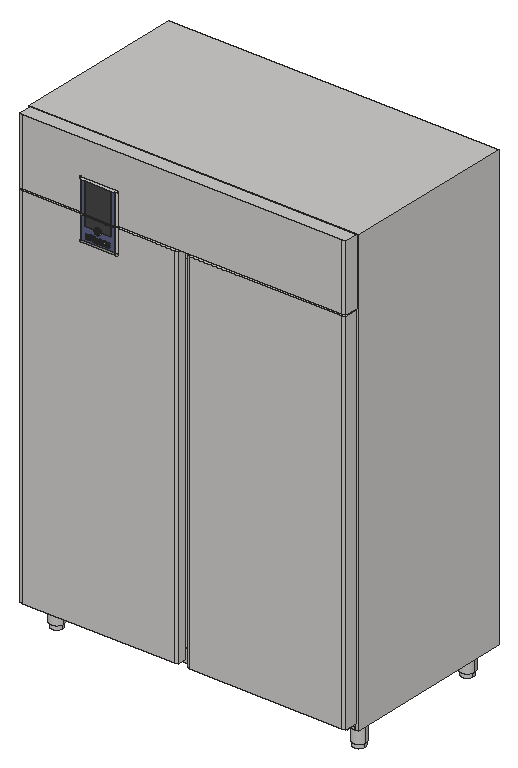
Revit family "QF_ELECTROLUXPROFESSIONAL_725242_ETE142FFRCO2", category Specialty Equipment, Revit 2018
Family settings
  Round Connector Dimension = Use Diameter
  Part Type = Normal
  Work Plane-Based = No
  Always vertical = Yes
  Cut with Voids When Loaded = No
  Shared = No
  Room Calculation Point = No
Parameters (values of type "Standard")
  Weight = 170.00 kg
  Watts = 19.5096 W
  Volts = 220 V
  URL Manufacturer = "http://professional.electrolux.com"
  URL = "http://professional.electrolux.com"
  Steam Supply Size = 0 mm
  Steam Supply Minimum Pressure = 0.0 Pa
  Steam Supply Maximum Pressure = 0.0 Pa
  Steam Pounds per Hour = 0
  Refrigeration Suction Line Size = 0.031 mm
  Refrigeration Liquid Line Size = 0.02 mm
  Refrigerant Compressor Remote = yes
  Manufacturer = "Electrolux Professional"
  Phase = 1
  Model = "ETE142FFRCO2"
  Length Actual = 1441 mm  # constant formula
  Item Number = "725242"
  Hot Water Size = 0 mm
  Height Actual = 2050 mm  # constant formula
  HP = "0.3 HP"
  Gas Size = 0 mm
  Gas KW = 0
  Gas Input Pressure = 0 W
  Description = "2-DOOR FREEZER 1430L -22/-15°C DIG-REMOTE CO2 W/VALVE"
  Depth Actual = 835 mm  # constant formula
  Cycle = 60 Hz
  Condensate Return Size = 0 mm
  Compressed Air Volume = 0.0 L/s
  Compressed Air Size = 0 mm
  Compressed Air Pressure = 0.0 Pa
  Cold Water Size = 0 mm
  Accessory = yes
Reference planes
  plane 1 "Center (Front/Back)": y = 0
  plane 2: z = 0
  plane 3 "Center (Left/Right)": x = 0
  plane 4 "BASE": z = 110
  plane 5 "TOP": z = 2050
  plane 6 "FRONT": y = -417.5
  plane 7 "BACK": y = 417.5
  plane 8 "LEFT": x = -720.5
  plane 9 "RIGHT": x = 720.5
  plane 10 "RO_Y": x = -245
  plane 11 "RO_X": y = -166.5
  plane 12 "RI_Y": x = -206
  plane 13 "RI_X": y = -187.5
  plane 14: z = 1802
Forms (mm)
  Extrusion 1, solid, material "QF_Finishes_Stainless Steel"
    sketch origin (0, 0, 0) x (1, 0, 0) y (0, 1, 0)
      loop
        circle (-643.5, 344.5) r 25
      loop
        circle (643.5, 344.5) r 25
      loop
        circle (-660.5, -269.5) r 25
      loop
        circle (660.5, -269.5) r 25
      loop
        circle (0, -121) r 25
    from 0 to 20
  Extrusion 2, solid, material "QF_Finishes_Stainless Steel"
    sketch origin (0, 0, 0) x (1, 0, 0) y (0, 1, 0)
      loop
        circle (-643.5, 344.5) r 30
      loop
        circle (643.5, 344.5) r 30
      loop
        circle (660.5, -269.5) r 30
      loop
        circle (-660.5, -269.5) r 30
      loop
        circle (0, -121) r 30
    from 20 to 110
  Extrusion 3, solid, material "QF_Finishes_Stainless Steel"
    sketch origin (0, 0, 110) x (-1, 0, 0) y (0, -1, 0)
      loop
        line (720.5, -417.5) -> (720.5, 345.5) -> (-720.5, 345.5) -> (-720.5, -417.5) -> (720.5, -417.5)
    from 0 to 1940
  Extrusion 4, solid
    sketch origin (0, 417.5, 1685) x (-1, 0, 0) y (0, 0, 1)
      loop
        circle (704.5, 124) r 10
    from 0 to 3.2
  Extrusion 5, solid, material "QF_Door-Drawer Clearances", detail levels coarse
    sketch origin (0, 0, 110) x (-1, 0, 0) y (0, -1, 0)
      loop
        line (-712.5, 409.5) -> (-648.5, 409.5) -> (-648.5, 1006.5) -> (-666.5, 1006.5) -> (-666.5, 1024.5) -> (-688.5, 1024.5) -> (-688.5, 1062.5) -> (-712.5, 1062.5) -> (-712.5, 409.5)
    from 1642.965 to 28
  Extrusion 6, solid, material "QF_Door-Drawer Clearances", detail levels coarse
    sketch origin (0, 0, 110) x (-1, 0, 0) y (0, -1, 0)
      loop
        line (-648.5, 409.5) -> (0, 409.5)
        arc (0, 409.5) -> (-211.9, 875.546) -> (-688.5, 1062.5) r 681.392
        line (-688.5, 1062.5) -> (-688.5, 1024.5) -> (-666.5, 1024.5) -> (-666.5, 1006.5) -> (-648.5, 1006.5) -> (-648.5, 409.5)
    from 1642.965 to 28
  Extrusion 7, solid, material "QF_Clearances", detail levels coarse
    sketch origin (0, 0, 110) x (-1, 0, 0) y (0, -1, 0)
      loop
        line (720.5, 417.5) -> (720.5, -417.5) -> (-720.5, -417.5) -> (-720.5, 417.5) -> (-740.5, 417.5) -> (-740.5, -447.5) -> (740.5, -447.5) -> (740.5, 417.5) -> (720.5, 417.5)
    from -110 to 1940
  Extrusion 8, solid, material "QF_Clearances", detail levels coarse
    sketch origin (0, 0, 2050) x (-1, 0, 0) y (0, -1, 0)
      loop
        line (740.5, -447.5) -> (740.5, 417.5) -> (-740.5, 417.5) -> (-740.5, -447.5) -> (740.5, -447.5)
    from 0 to 500
  Extrusion 9, void
    sketch origin (0, 417.5, 0) x (-1, 0, 0) y (0, 0, 1)
      loop
        line (645.5, 1724) -> (430, 1724) -> (430, 1695) -> (-430, 1695) -> (-430, 1724) -> (-645.5, 1724) -> (-645.5, 180) -> (-322.75, 170.906) -> (0, 180) -> (322.75, 170.906) -> (645.5, 180) -> (645.5, 1724)
    from -56 to -763
  Extrusion 10, solid, material "QF_Door-Drawer Clearances", detail levels coarse
    sketch origin (0, 0, 110) x (1, 0, 0) y (0, 1, 0)
      loop
        line (-712.5, -409.5) -> (-712.5, -1062.5) -> (-688.5, -1062.5) -> (-688.5, -1024.5) -> (-666.5, -1024.5) -> (-666.5, -1006.5) -> (-648.5, -1006.5) -> (-648.5, -409.5) -> (-712.5, -409.5)
    from 1642.965 to 28
  Extrusion 11, solid, material "QF_Door-Drawer Clearances", detail levels coarse
    sketch origin (0, 0, 110) x (1, 0, 0) y (0, 1, 0)
      loop
        line (-648.5, -409.5) -> (-648.5, -1006.5) -> (-666.5, -1006.5) -> (-666.5, -1024.5) -> (-688.5, -1024.5) -> (-688.5, -1062.5)
        arc (-688.5, -1062.5) -> (-211.9, -875.546) -> (0, -409.5) r 681.392
        line (0, -409.5) -> (-648.5, -409.5)
    from 1642.965 to 28
  Extrusion 12, solid, material "QF_Finishes_Stainless Steel"
    sketch origin (0, 417.5, 0) x (-1, 0, 0) y (0, 0, 1)
      loop
        line (40, 170.62) -> (40, 1695) -> (-40, 1695) -> (-40, 170.62) -> (0, 170) -> (40, 170.62)
    from -723 to -763
  Extrusion 13, solid, material "QF_Finishes_Stainless Steel"
    sketch origin (0, 0, 110) x (-1, 0, 0) y (0, -1, 0)
      loop
        circle (322.75, 254.5) r 7.938
      loop
        circle (-322.75, 254.5) r 7.938
    from 0 to -10
  Extrusion 14, solid, material "QF_Finishes_Stainless Steel"
    sketch origin (0, 0, 2050) x (-1, 0, 0) y (0, -1, 0)
      loop
        circle (245, 166.5) r 4.75
    from -29 to -137.696
  Extrusion 15, solid, material "QF_Finishes_Stainless Steel"
    sketch origin (0, 0, 0) x (0, 1, 0) y (0, 0, 1)
      loop
        circle (-187.5, 1855) r 3
    from -141.13 to -206
Cuts and joins
  joined: Extrusion 7, Extrusion 8
  Extrusion 9 cuts Extrusion 3
Lines and regions (mm)
  symbolic lines, style "SpecialityEquipmentHiddenLines"
    curve 1: line (712.5, -409.5, 110) -> (712.5, -1062.5, 110)
    curve 2: line (712.5, -1062.5, 110) -> (688.5, -1062.5, 110)
    curve 3: line (648.5, -409.5, 110) -> (648.5, -1006.5, 110)
    curve 4: line (688.5, -1062.5, 110) -> (688.5, -1024.5, 110)
    curve 5: line (688.5, -1024.5, 110) -> (666.5, -1024.5, 110)
    curve 6: line (666.5, -1024.5, 110) -> (666.5, -1006.5, 110)
    curve 7: line (666.5, -1006.5, 110) -> (648.5, -1006.5, 110)
    curve 13: arc (0, -409.5, 110) -> (211.9, -875.546, 110) -> (688.5, -1062.5, 110) r 681.392
    curve 14: line (-712.5, -1062.5, 110) -> (-688.5, -1062.5, 110)
    curve 15: line (-648.5, -409.5, 110) -> (-648.5, -1006.5, 110)
    curve 16: line (-688.5, -1062.5, 110) -> (-688.5, -1024.5, 110)
    curve 17: line (-688.5, -1024.5, 110) -> (-666.5, -1024.5, 110)
    curve 18: line (-666.5, -1024.5, 110) -> (-666.5, -1006.5, 110)
    curve 19: line (-666.5, -1006.5, 110) -> (-648.5, -1006.5, 110)
    curve 20: arc (0, -409.5, 110) -> (-211.9, -875.546, 110) -> (-688.5, -1062.5, 110) r 681.392
    curve 21: line (-712.5, -409.5, 110) -> (-712.5, -1062.5, 110)
  symbolic lines, style "QF_Clearances", detail levels coarse
    curve 8: line (-720.5, -417.5, 2050) -> (-740.5, -417.5, 2050)
    curve 9: line (-740.5, -417.5, 2050) -> (-740.5, 447.5, 2050)
    curve 10: line (-740.5, 447.5, 2050) -> (740.5, 447.5, 2050)
    curve 11: line (740.5, 447.5, 2050) -> (740.5, -417.5, 2050)
    curve 12: line (740.5, -417.5, 2050) -> (720.5, -417.5, 2050)
  symbolic lines
    curve 22: line (720.5, 417.5, 110) -> (-720.5, 417.5, 110)
    curve 23: line (720.5, -345.5, 110) -> (720.5, 417.5, 110)
    curve 24: line (-720.5, -345.5, 110) -> (720.5, -345.5, 110)
    curve 25: line (-720.5, 417.5, 110) -> (-720.5, -345.5, 110)
Dimensions and locks
  equal spacing: plane 7 "BACK", plane 1 "Center (Front/Back)", plane 6 "FRONT"
  equal spacing: plane 8 "LEFT", plane 3 "Center (Left/Right)", plane 9 "RIGHT"
  plane 8 "LEFT" to plane 9 "RIGHT" = 1441 mm
  plane 7 "BACK" to plane 6 "FRONT" = 835 mm
  plane 5 "TOP" to plane 2 = 2050 mm
  plane 8 "LEFT" to plane 10 "RO_Y" = 475.5 mm
  plane 7 "BACK" to plane 11 "RO_X" = 584 mm
  plane 7 "BACK" to plane 13 "RI_X" = 605 mm
  plane 5 "TOP" to plane 14 = 248 mm
  Extrusion 14 to plane 14 = 219 mm
  Extrusion 15 to plane 14 = 53 mm
  aligned and locked: level to plane 2
Automatic sketch dimensions
  curve 12 to plane 6 "FRONT" = 0 mm
  curve 12 to plane 9 "RIGHT" = 0 mm
  curve 8 to plane 6 "FRONT" = 0 mm
  curve 8 to plane 8 "LEFT" = 0 mm
  curve 10 to plane 9 "RIGHT" = 20 mm
  curve 8 to curve 9 = 20 mm
  plane 7 "BACK" to curve 10 = 30 mm
  Extrusion 1 sketch curve to plane 3 "Center (Left/Right)" = 0 mm
  plane 8 "LEFT" to Extrusion 1 sketch curve = 77 mm
  plane 8 "LEFT" to Extrusion 1 sketch curve = 60 mm
  plane 9 "RIGHT" to Extrusion 1 sketch curve = 77 mm
  plane 9 "RIGHT" to Extrusion 1 sketch curve = 60 mm
  plane 6 "FRONT" to Extrusion 1 sketch curve = 148 mm  (x2)
  plane 1 "Center (Front/Back)" to Extrusion 1 sketch curve = 121 mm
  Extrusion 1 sketch curve to plane 7 "BACK" = 73 mm  (x2)
  Extrusion 2 sketch curve to plane 3 "Center (Left/Right)" = 0 mm
  plane 8 "LEFT" to Extrusion 2 sketch curve = 77 mm
  plane 8 "LEFT" to Extrusion 2 sketch curve = 60 mm
  plane 9 "RIGHT" to Extrusion 2 sketch curve = 77 mm
  plane 9 "RIGHT" to Extrusion 2 sketch curve = 60 mm
  plane 6 "FRONT" to Extrusion 2 sketch curve = 148 mm  (x2)
  plane 1 "Center (Front/Back)" to Extrusion 2 sketch curve = 121 mm
  Extrusion 2 sketch curve to plane 7 "BACK" = 73 mm  (x2)
  Extrusion 3 sketch curve to plane 7 "BACK" = 0 mm
  Extrusion 3 sketch curve to plane 9 "RIGHT" = 0 mm
  Extrusion 3 sketch curve to plane 8 "LEFT" = 0 mm
  plane 6 "FRONT" to Extrusion 3 sketch curve = 72 mm
  plane 8 "LEFT" to Extrusion 4 sketch curve = 16 mm
  Extrusion 4 sketch curve to plane 5 "TOP" = 241 mm
  plane 9 "RIGHT" to Extrusion 5 sketch curve = 8 mm
  plane 9 "RIGHT" to Extrusion 5 sketch curve = 32 mm
  Extrusion 5 sketch curve to Extrusion 5 sketch curve = 22 mm
  plane 6 "FRONT" to Extrusion 5 sketch curve = 8 mm
  Extrusion 5 sketch curve to Extrusion 5 sketch curve = 64 mm
  Extrusion 5 sketch curve to plane 6 "FRONT" = 589 mm
  Extrusion 5 sketch curve to Extrusion 5 sketch curve = 18 mm
  Extrusion 5 sketch curve to Extrusion 5 sketch curve = 38 mm
  Extrusion 6 sketch curve to plane 3 "Center (Left/Right)" = 0 mm
  plane 9 "RIGHT" to Extrusion 6 sketch curve = 72 mm
  Extrusion 6 sketch curve to Extrusion 6 sketch curve = 18 mm  (x2)
  plane 9 "RIGHT" to Extrusion 6 sketch curve = 39.698 mm
  Extrusion 6 sketch curve to Extrusion 6 sketch curve = 22 mm
  plane 6 "FRONT" to Extrusion 6 sketch curve = 36.349 mm
  plane 6 "FRONT" to Extrusion 6 sketch curve = 8 mm
  Extrusion 6 sketch curve to Extrusion 6 sketch curve = 56 mm
  Extrusion 7 sketch curve to plane 6 "FRONT" = 0 mm  (x2)
  Extrusion 7 sketch curve to plane 7 "BACK" = 0 mm
  Extrusion 7 sketch curve to plane 9 "RIGHT" = 0 mm
  Extrusion 7 sketch curve to plane 8 "LEFT" = 0 mm
  Extrusion 7 sketch curve to plane 9 "RIGHT" = 20 mm
  Extrusion 7 sketch curve to Extrusion 7 sketch curve = 20 mm
  plane 7 "BACK" to Extrusion 7 sketch curve = 30 mm
  Extrusion 8 sketch curve to plane 6 "FRONT" = 0 mm
  Extrusion 8 sketch curve to plane 9 "RIGHT" = 20 mm
  Extrusion 8 sketch curve to plane 8 "LEFT" = 20 mm
  plane 7 "BACK" to Extrusion 8 sketch curve = 30 mm
  Extrusion 10 sketch curve to plane 8 "LEFT" = 8 mm
  Extrusion 10 sketch curve to plane 8 "LEFT" = 32 mm
  Extrusion 10 sketch curve to Extrusion 10 sketch curve = 22 mm
  Extrusion 10 sketch curve to plane 6 "FRONT" = 8 mm
  Extrusion 10 sketch curve to Extrusion 10 sketch curve = 64 mm
  plane 6 "FRONT" to Extrusion 10 sketch curve = 589 mm
  Extrusion 10 sketch curve to Extrusion 10 sketch curve = 18 mm
  Extrusion 10 sketch curve to Extrusion 10 sketch curve = 38 mm
  Extrusion 11 sketch curve to plane 3 "Center (Left/Right)" = 0 mm
  Extrusion 11 sketch curve to plane 8 "LEFT" = 72 mm
  Extrusion 11 sketch curve to Extrusion 11 sketch curve = 18 mm  (x2)
  Extrusion 11 sketch curve to plane 8 "LEFT" = 39.698 mm
  Extrusion 11 sketch curve to Extrusion 11 sketch curve = 22 mm
  Extrusion 11 sketch curve to plane 6 "FRONT" = 36.349 mm
  Extrusion 11 sketch curve to plane 6 "FRONT" = 8 mm
  Extrusion 11 sketch curve to Extrusion 11 sketch curve = 56 mm
  Extrusion 12 sketch curve to plane 3 "Center (Left/Right)" = 0 mm
  plane 3 "Center (Left/Right)" to Extrusion 12 sketch curve = 40 mm
  Extrusion 12 sketch curve to plane 3 "Center (Left/Right)" = 40 mm
  plane 4 "BASE" to Extrusion 12 sketch curve = 60 mm
  Extrusion 12 sketch curve to Extrusion 12 sketch curve = 0.62 mm  (x2)
  Extrusion 12 sketch curve to Extrusion 12 sketch curve = 1524.38 mm
  Extrusion 9 sketch curve to plane 3 "Center (Left/Right)" = 0 mm
  plane 4 "BASE" to Extrusion 9 sketch curve = 60.906 mm  (x2)
  plane 3 "Center (Left/Right)" to Extrusion 9 sketch curve = 322.75 mm
  plane 9 "RIGHT" to Extrusion 9 sketch curve = 290.5 mm
  plane 9 "RIGHT" to Extrusion 9 sketch curve = 75 mm
  Extrusion 9 sketch curve to plane 3 "Center (Left/Right)" = 322.75 mm
  plane 8 "LEFT" to Extrusion 9 sketch curve = 290.5 mm
  plane 8 "LEFT" to Extrusion 9 sketch curve = 75 mm
  plane 4 "BASE" to Extrusion 9 sketch curve = 70 mm  (x3)
  Extrusion 9 sketch curve to plane 5 "TOP" = 355 mm
  Extrusion 9 sketch curve to Extrusion 9 sketch curve = 29 mm  (x2)
  plane 3 "Center (Left/Right)" to Extrusion 13 sketch curve = 322.75 mm
  Extrusion 13 sketch curve to plane 3 "Center (Left/Right)" = 322.75 mm
  plane 6 "FRONT" to Extrusion 13 sketch curve = 163 mm  (x2)
  Extrusion 14 sketch curve to plane 10 "RO_Y" = 0 mm
  Extrusion 14 sketch curve to plane 11 "RO_X" = 0 mm
  Extrusion 15 sketch curve to plane 13 "RI_X" = 0 mm
  plane 14 to Extrusion 15 sketch curve = 53 mm
  curve 24 to plane 9 "RIGHT" = 0 mm
  curve 13 to plane 3 "Center (Left/Right)" = 0 mm
  curve 24 to plane 8 "LEFT" = 0 mm
  curve 25 to plane 7 "BACK" = 0 mm
  plane 9 "RIGHT" to curve 1 = 8 mm
  plane 9 "RIGHT" to curve 4 = 32 mm
  plane 9 "RIGHT" to curve 13 = 39.698 mm
  curve 4 to curve 6 = 22 mm
  curve 6 to curve 7 = 18 mm
  plane 8 "LEFT" to curve 15 = 72 mm
  curve 15 to curve 18 = 18 mm
  plane 8 "LEFT" to curve 20 = 39.698 mm
  plane 8 "LEFT" to curve 14 = 32 mm
  plane 8 "LEFT" to curve 21 = 8 mm
  plane 6 "FRONT" to curve 24 = 72 mm
  plane 6 "FRONT" to curve 20 = 36.349 mm
  plane 6 "FRONT" to curve 13 = 36.349 mm
  curve 6 to plane 6 "FRONT" = 589 mm
  curve 19 to plane 6 "FRONT" = 589 mm
  curve 18 to curve 17 = 18 mm
  curve 6 to curve 4 = 18 mm
  curve 16 to curve 21 = 38 mm
  plane 6 "FRONT" to curve 1 = 8 mm
  plane 6 "FRONT" to curve 15 = 8 mm
  plane 6 "FRONT" to curve 21 = 8 mm
  plane 6 "FRONT" to curve 3 = 8 mm
  radius of Extrusion 1 sketch curve = 25 mm  (x5)
  radius of Extrusion 2 sketch curve = 30 mm  (x5)
  radius of Extrusion 4 sketch curve = 10 mm
  radius of Extrusion 13 sketch curve = 7.938 mm  (x2)
  radius of Extrusion 14 sketch curve = 4.75 mm
  radius of Extrusion 15 sketch curve = 3 mm
Nested families
  nested 1: "QF_725242_Door" at (0, -345.5, 968.365) x (1, 0, 0) z (0, -1, 0), type "QF_725242_Door"
    with Show Clearance yes
  nested 2: "Freezer" at (720.5, -417.5, 110), type "Freezer"
Connectors
  electrical at (-704.5, 420.7, 1809), driven by "Volts"
    settings: on Extrusion 4, index 2, voltage 220 V, apparent load 0 VA, apparent load phase1 0 VA, apparent load phase2 0 VA, apparent load phase3 0 VA, power factor 1, load classification "Other", number of poles 1, system type 30, power factor state 1, is connector primary yes, connector utility no, sub classification motor no, connector description "Electrical Connection"
  piping at (322.75, -254.5, 100), diameter 15.875
    settings: on Extrusion 13, index 3, connector inside diameter 609.6 mm, connector length 0 mm, flow factor 0, pipe flow 0.0 L/s, pressure drop 0.0 Pa, fitting loss kfactor 0, connector angle 0.00°, fixture units 0, engagement length 0 mm, angle of deflection 0.00°, flow configuration 1, flow direction 2, fitting loss method 0, system type 16, joint type 0, gender type 0, connector reference index -1, connector utility 0, adjustable connector no, is connector primary yes, connector description "Drain"
  piping at (-322.75, -254.5, 100), diameter 15.875
    settings: on Extrusion 13, index 4, connector inside diameter 609.6 mm, connector length 0 mm, flow factor 0, pipe flow 0.0 L/s, pressure drop 0.0 Pa, fitting loss kfactor 0, connector angle 0.00°, fixture units 0, engagement length 0 mm, angle of deflection 0.00°, flow configuration 1, flow direction 2, fitting loss method 0, system type 16, joint type 0, gender type 0, connector reference index -1, connector utility 0, adjustable connector no, is connector primary no, connector description "Drain"
  piping at (-245, -166.5, 2021), diameter 9.5
    settings: on Extrusion 14, index 5, connector inside diameter 609.6 mm, connector length 0 mm, flow factor 0, pipe flow 0.0 L/s, pressure drop 0.0 Pa, fitting loss kfactor 0, connector angle 0.00°, fixture units 0, engagement length 0 mm, angle of deflection 0.00°, flow configuration 1, flow direction 2, fitting loss method 0, system type 8, joint type 0, gender type 0, connector reference index -1, connector utility 0, adjustable connector no, is connector primary no, connector description "Refrigerant Outlet"
  piping at (-206, -187.5, 1855), diameter 6
    settings: on Extrusion 15, index 6, connector inside diameter 609.6 mm, connector length 0 mm, flow factor 0, pipe flow 0.0 L/s, pressure drop 0.0 Pa, fitting loss kfactor 0, connector angle 0.00°, fixture units 0, engagement length 0 mm, angle of deflection 0.00°, flow configuration 1, flow direction 1, fitting loss method 0, system type 7, joint type 0, gender type 0, connector reference index -1, connector utility 0, adjustable connector no, is connector primary no, connector description "Refrigerant Inlet"
Definition of nested family "QF_725242_Door"
  Parameters
    Show Clearance [instance] = yes
    Model = "725238"
    Default Elevation = 0 mm
  Reference planes
    plane 1 "Center (Front/Back)": y = 0
    plane 2: z = 0
    plane 3 "Center (Left/Right)": x = 0
    plane 4 "panel": z = 64
  Forms (mm)
    Extrusion 1, solid
      sketch origin (0, -919.2, 0) x (1, 0, 0) y (0, 1, 0)
        loop
          line (-980.5, 2119.2) -> (-980.5, -162.846) -> (881.94, -162.846) -> (881.94, 2119.2) -> (-980.5, 2119.2)
      from 0 to -59.546
    Extrusion 2, solid
      sketch origin (365.5, 0, 0) x (1, 0, 0) y (0, 0, 1)
        loop
          line (-347, 26) -> (-325, 26) -> (-325, 8) -> (-307, 8) -> (-307, 0) -> (339, 0) -> (339, 8) -> (347, 8) -> (347, 60) -> (332, 64) -> (-332, 64) -> (-347, 60) -> (-347, 26)
      from -784.6 to 830.4
    Extrusion 3, solid
      sketch origin (484.5, -516.365, 0) x (0, 1, 0) y (0, 0, 1)
        loop
          line (-323.003, 40.312) -> (-316.501, 40.312) -> (-316.501, 42.812) -> (-325.503, 42.812) -> (-325.503, 2.5) -> (-342, 2.5) -> (-342, 0) -> (-323.003, 0) -> (-323.003, 12.259) -> (-323.003, 40.312)
        loop
          line (-314, 38.311) -> (-316.501, 38.311) -> (-316.501, 14.304) -> (-319.752, 14.304) -> (-319.752, 11.804) -> (-314, 11.804) -> (-314, 38.311)
      from 185 to 220
    Extrusion 4, solid
      sketch origin (484.5, 469.597, 0) x (0, 1, 0) y (0, 0, 1)
        loop
          line (315.003, 27.948) -> (315.003, 2.948) -> (315.003, 0) -> (322.003, 0) -> (322.003, 2.5) -> (317.503, 2.5) -> (317.503, 27.948) -> (315.003, 27.948)
      from 185 to 220
    Extrusion 5, solid
      sketch origin (-365.5, 0, 0) x (-1, 0, 0) y (0, 0, -1)
        loop
          line (-1078, -60) -> (-1063, -64) -> (332, -64) -> (347, -60) -> (347, 0) -> (-1078, 0) -> (-1078, -60)
      from -1081.6 to -791.6
    Extrusion 6, solid
      sketch origin (-365.5, 0, 0) x (-1, 0, 0) y (0, 0, -1)
        loop
          line (-347, -26) -> (-347, -60) -> (-332, -64) -> (332, -64) -> (347, -60) -> (347, -8) -> (339, -8) -> (339, 0) -> (-307, 0) -> (-307, -8) -> (-325, -8) -> (-325, -26) -> (-347, -26)
      from -784.6 to 830.4
    Extrusion 7, solid
      sketch origin (-484.5, -516.365, 0) x (0, 1, 0) y (0, 0, -1)
        loop
          line (-323.003, -40.312) -> (-323.003, -12.259) -> (-323.003, 0) -> (-342, 0) -> (-342, -2.5) -> (-325.503, -2.5) -> (-325.503, -42.812) -> (-316.501, -42.812) -> (-316.501, -40.312) -> (-323.003, -40.312)
        loop
          line (-314, -38.311) -> (-314, -11.804) -> (-319.752, -11.804) -> (-319.752, -14.304) -> (-316.501, -14.304) -> (-316.501, -38.311) -> (-314, -38.311)
      from 185 to 220
    Extrusion 8, solid
      sketch origin (-484.5, 469.597, 0) x (0, 1, 0) y (0, 0, -1)
        loop
          line (315.003, -27.948) -> (317.503, -27.948) -> (317.503, -2.5) -> (322.003, -2.5) -> (322.003, 0) -> (315.003, 0) -> (315.003, -2.948) -> (315.003, -27.948)
      from 185 to 220
  Lines and regions (mm)
    symbolic lines
      curve 1: line (-697.5, 0, 64) -> (697.5, 0, 64)
      curve 2: line (712.5, 0, 0) -> (-712.5, 0, 0)
      curve 3: line (712.5, 0, 60) -> (712.5, 0, 0)
      curve 4: line (704.5, 0, 8) -> (712.5, 0, 8)
      curve 5: line (704.5, 0, 8) -> (704.5, 0, 0)
      curve 6: line (-376.111, 0, 72) -> (-356.111, 0, 72)
      curve 7: line (-376.111, 0, 66) -> (-376.111, 0, 72)
      curve 8: line (-356.111, 0, 72) -> (-356.111, 0, 66)
      curve 9: line (-380.111, 0, 66) -> (-352.111, 0, 66)
      curve 10: line (-380.111, 0, 64) -> (-380.111, 0, 66)
      curve 11: line (-352.111, 0, 66) -> (-352.111, 0, 64)
      curve 12: line (-712.5, 0, 60) -> (-712.5, 0, 0)
      curve 13: line (-704.5, 0, 8) -> (-712.5, 0, 8)
      curve 14: line (-704.5, 0, 8) -> (-704.5, 0, 0)
      curve 15: line (-712.5, 0, 60) -> (-697.5, 0, 64)
      curve 16: line (712.5, 0, 60) -> (697.5, 0, 64)
  Dimensions and locks
    aligned and locked: plane 2 to Extrusion 1
    aligned and locked: level to Extrusion 1
  Nested families
    nested 1: "QF_DisplayPremiumCabinets" at (-365.5, 803.6, 64), type "QF_DisplayPremiumCabinets"
      with Show Clearance yes
  Definition of nested family "QF_DisplayPremiumCabinets"
    Parameters
      Show Clearance [instance] = yes
      Model = "728658"
      Default Elevation = 1219.2 mm
    Reference planes
      plane 1 "Center (Front/Back)": y = 0
      plane 2: z = 0
      plane 3 "Center (Left/Right)": x = 0
    Forms (mm)
      Extrusion 1, solid
        sketch origin (0, -919.2, 0) x (1, 0, 0) y (0, 1, 0)
          loop
            line (-980.5, 2119.2) -> (-980.5, -162.846) -> (881.94, -162.846) -> (881.94, 2119.2) -> (-980.5, 2119.2)
        from 0 to -59.546
      Extrusion 2, solid
        sketch origin (-0.611, 0, 0) x (1, 0, 0) y (0, 1, 0)
          loop
            circle (0.611, -59) r 14
        from 5 to 7
      Extrusion 3, solid
        sketch origin (364.889, -803.635, 0) x (1, 0, 0) y (0, 1, 0)
          loop
            circle (-364.889, 744.635) r 10
          loop
            circle (-364.889, 744.635) r 9
        from 5 to 8
      Extrusion 4, solid
        sketch origin (364.889, -803.635, 0) x (1, 0, 0) y (0, 1, 0)
          loop
            circle (-364.889, 744.635) r 8.7
        from 5 to 8
      Extrusion 5, void
        sketch origin (-744.647, -424.488, 0) x (0, -1, 0) y (1, 0, 0)
          loop
            line (-372.339, 745.885) -> (-372.339, 743.385) -> (-362.339, 743.385) -> (-362.339, 745.885) -> (-372.339, 745.885)
        from 8.592 to 6.269
      Extrusion 6, solid
        sketch origin (365.5, -803.635, 0) x (1, 0, 0) y (0, 1, 0)
          loop
            line (-380.472, 718.596) -> (-387.909, 718.596) -> (-387.909, 709.937)
            arc (-387.909, 709.937) -> (-386.93, 707.574) -> (-384.567, 706.595) r 3.341
            line (-384.567, 706.595) -> (-380.329, 706.595) -> (-380.329, 708.538) -> (-384.084, 708.538)
            arc (-384.084, 708.538) -> (-385.317, 708.955) -> (-385.843, 710.147) r 1.615
            line (-385.843, 710.147) -> (-385.843, 711.864) -> (-380.794, 711.864) -> (-380.794, 713.813) -> (-385.843, 713.813) -> (-385.843, 716.652) -> (-380.472, 716.652) -> (-380.472, 718.596)
          loop
            line (-378.861, 718.596) -> (-378.861, 706.595) -> (-376.794, 706.595) -> (-376.794, 718.596) -> (-378.861, 718.596)
          loop
            line (-333.968, 718.596) -> (-333.968, 706.595) -> (-331.9, 706.595) -> (-331.9, 718.596) -> (-333.968, 718.596)
          loop
            line (-373.376, 710.427) -> (-366.593, 710.427)
            arc (-366.593, 710.427) -> (-367.654, 714.154) -> (-371.282, 715.512) r 4.298
            arc (-371.282, 715.512) -> (-374.477, 713.892) -> (-375.389, 710.427) r 4.373
            arc (-375.389, 710.427) -> (-374.189, 707.53) -> (-371.292, 706.33) r 4.097
            arc (-371.292, 706.33) -> (-369.037, 706.663) -> (-367.147, 707.936) r 5.15
            line (-367.147, 707.936) -> (-368.371, 709.16)
            arc (-368.371, 709.16) -> (-369.978, 708.196) -> (-371.846, 708.358) r 3.039
            arc (-371.846, 708.358) -> (-372.985, 709.116) -> (-373.376, 710.427) r 2.013
          loop
            line (-373.324, 711.881) -> (-368.669, 711.881)
            arc (-368.669, 711.881) -> (-369.323, 713.255) -> (-370.758, 713.761) r 1.983
            arc (-370.758, 713.761) -> (-372.414, 713.33) -> (-373.324, 711.881) r 2.321
          loop
            line (-358.536, 712.746) -> (-357.238, 714.044)
            arc (-357.238, 714.044) -> (-358.865, 715.222) -> (-360.843, 715.574) r 4.497
            arc (-360.843, 715.574) -> (-363.86, 714.472) -> (-365.443, 711.677) r 4.652
            arc (-365.443, 711.677) -> (-362.774, 706.778) -> (-357.311, 707.907) r 4.684
            line (-357.311, 707.907) -> (-358.602, 709.198)
            arc (-358.602, 709.198) -> (-361.388, 708.276) -> (-363.383, 710.427) r 2.714
            arc (-363.383, 710.427) -> (-363.244, 712.128) -> (-362.073, 713.37) r 2.578
            arc (-362.073, 713.37) -> (-360.199, 713.656) -> (-358.536, 712.746) r 2.961
          loop
            line (-355.968, 718.596) -> (-355.968, 710.395)
            arc (-355.968, 710.395) -> (-355.789, 709.165) -> (-355.329, 708.01) r 5.301
            arc (-355.329, 708.01) -> (-353.854, 706.837) -> (-351.985, 706.59) r 3.531
            line (-351.985, 706.59) -> (-351.985, 708.527)
            arc (-351.985, 708.527) -> (-352.541, 708.569) -> (-353.059, 708.774) r 1.862
            arc (-353.059, 708.774) -> (-353.723, 709.477) -> (-353.901, 710.427) r 1.713
            line (-353.901, 710.427) -> (-353.901, 713.397) -> (-352.024, 713.397) -> (-352.024, 715.275) -> (-353.901, 715.275) -> (-353.901, 718.596) -> (-355.968, 718.596)
          loop
            arc (-348.234, 711.158) -> (-348.087, 712.023) -> (-347.66, 712.79) r 2.607
            arc (-347.66, 712.79) -> (-346.422, 713.426) -> (-345.031, 713.397) r 2.84
            line (-345.031, 713.397) -> (-345.031, 715.383)
            arc (-345.031, 715.383) -> (-346.848, 715.212) -> (-348.234, 714.023) r 3.016
            line (-348.234, 714.023) -> (-348.234, 715.275) -> (-350.285, 715.275) -> (-350.285, 706.595) -> (-348.234, 706.595) -> (-348.234, 711.158)
          loop
            circle (-339.976, 710.933) r 4.599
          loop
            circle (-339.976, 710.933) r 2.787
          loop
            arc (-324.445, 710.21) -> (-324.956, 708.807) -> (-326.34, 708.247) r 1.835
            arc (-326.34, 708.247) -> (-327.725, 708.807) -> (-328.235, 710.21) r 1.835
            line (-328.235, 710.21) -> (-328.235, 715.274) -> (-330.32, 715.274) -> (-330.32, 710.038)
            arc (-330.32, 710.038) -> (-329.133, 707.334) -> (-326.34, 706.376) r 3.675
            arc (-326.34, 706.376) -> (-323.516, 707.363) -> (-322.362, 710.123) r 3.675
            line (-322.362, 710.123) -> (-322.362, 715.274) -> (-324.445, 715.274) -> (-324.445, 710.21)
          loop
            line (-321.112, 715.274) -> (-318.111, 711.199) -> (-321.409, 706.592) -> (-319.186, 706.592) -> (-316.998, 709.65) -> (-314.777, 706.592) -> (-312.569, 706.592) -> (-315.82, 711.246) -> (-312.847, 715.274) -> (-315.103, 715.274) -> (-317.005, 712.698) -> (-318.877, 715.274) -> (-321.112, 715.274)
          loop
            line (-386.746, 701.621) -> (-388.394, 701.621) -> (-388.394, 697.47) -> (-387.492, 697.47) -> (-387.492, 698.9) -> (-386.495, 698.9)
            arc (-386.495, 698.9) -> (-385.38, 700.375) -> (-386.746, 701.621) r 1.372
          loop
            arc (-386.535, 699.715) -> (-386.193, 700.249) -> (-386.535, 700.782) r 0.587
            line (-386.535, 700.782) -> (-387.492, 700.782) -> (-387.492, 699.715) -> (-386.535, 699.715)
          loop
            line (-380.234, 701.621) -> (-381.911, 701.621) -> (-381.911, 697.47) -> (-381.009, 697.47) -> (-381.009, 698.9) -> (-380.136, 698.9) -> (-379.539, 697.47) -> (-378.571, 697.47) -> (-379.387, 699.22)
            arc (-379.387, 699.22) -> (-378.996, 699.688) -> (-378.865, 700.283) r 1.281
            arc (-378.865, 700.283) -> (-379.277, 701.231) -> (-380.234, 701.621) r 1.37
          loop
            line (-381.009, 700.782) -> (-381.009, 699.715) -> (-380.051, 699.715)
            arc (-380.051, 699.715) -> (-379.71, 700.249) -> (-380.051, 700.782) r 0.587
            line (-380.051, 700.782) -> (-381.009, 700.782)
          loop
            circle (-373.272, 699.545) r 2.156
          loop
            circle (-373.272, 699.545) r 1.368
          loop
            line (-367.574, 701.62) -> (-367.574, 697.47) -> (-366.694, 697.47) -> (-366.694, 698.921) -> (-365.132, 698.921) -> (-365.132, 699.851) -> (-366.694, 699.851) -> (-366.694, 700.726) -> (-364.982, 700.726) -> (-364.982, 701.62) -> (-367.574, 701.62)
          loop
            line (-361.482, 701.62) -> (-361.482, 698.818)
            arc (-361.482, 698.818) -> (-361.1, 697.869) -> (-360.155, 697.474) r 1.327
            line (-360.155, 697.474) -> (-358.815, 697.474) -> (-358.815, 698.258) -> (-360.075, 698.258)
            arc (-360.075, 698.258) -> (-360.538, 698.641) -> (-360.629, 699.236) r 0.845
            line (-360.629, 699.236) -> (-358.971, 699.236) -> (-358.971, 700.02) -> (-360.629, 700.02) -> (-360.629, 700.837) -> (-358.856, 700.837) -> (-358.856, 701.62) -> (-361.482, 701.62)
          loop
            arc (-346.454, 701.095) -> (-347.003, 701.546) -> (-347.7, 701.689) r 1.485
            arc (-347.7, 701.689) -> (-348.343, 701.532) -> (-348.871, 701.133) r 1.645
            arc (-348.871, 701.133) -> (-348.969, 700.191) -> (-348.361, 699.464) r 1.217
            arc (-348.361, 699.464) -> (-347.85, 699.293) -> (-347.365, 699.059) r 4.201
            arc (-347.365, 699.059) -> (-347.058, 698.698) -> (-347.27, 698.274) r 0.43
            arc (-347.27, 698.274) -> (-347.662, 698.182) -> (-348.052, 698.281) r 0.846
            arc (-348.052, 698.281) -> (-348.389, 698.524) -> (-348.596, 698.885) r 0.983
            line (-348.596, 698.885) -> (-349.322, 698.546)
            arc (-349.322, 698.546) -> (-349.06, 698.042) -> (-348.639, 697.661) r 1.595
            arc (-348.639, 697.661) -> (-348.161, 697.457) -> (-347.644, 697.405) r 1.719
            arc (-347.644, 697.405) -> (-347.004, 697.532) -> (-346.428, 697.838) r 2.246
            arc (-346.428, 697.838) -> (-346.174, 698.515) -> (-346.305, 699.225) r 1.349
            arc (-346.305, 699.225) -> (-346.589, 699.553) -> (-346.952, 699.79) r 1.564
            arc (-346.952, 699.79) -> (-347.411, 699.994) -> (-347.881, 700.171) r 8.236
            arc (-347.881, 700.171) -> (-348.153, 700.593) -> (-347.76, 700.907) r 0.375
            arc (-347.76, 700.907) -> (-347.29, 700.794) -> (-346.928, 700.472) r 0.998
            line (-346.928, 700.472) -> (-346.454, 701.095)
          loop
            line (-342.646, 701.62) -> (-342.646, 697.474) -> (-341.794, 697.474) -> (-341.794, 701.62) -> (-342.646, 701.62)
          loop
            circle (-336.044, 699.547) r 1.29
          loop
            circle (-336.044, 699.547) r 2.154
          loop
            line (-330.323, 697.474) -> (-329.462, 697.474) -> (-329.462, 700.081) -> (-327.564, 697.474) -> (-326.736, 697.474) -> (-326.736, 701.62) -> (-327.597, 701.62) -> (-327.597, 698.934) -> (-329.494, 701.62) -> (-330.323, 701.62) -> (-330.323, 697.474)
          loop
            line (-322.436, 697.474) -> (-322.032, 698.368) -> (-320.498, 698.368) -> (-320.094, 697.474) -> (-319.178, 697.474) -> (-320.929, 701.62) -> (-321.729, 701.62) -> (-323.352, 697.474) -> (-322.436, 697.474)
          loop
            line (-320.881, 699.219) -> (-321.292, 700.13) -> (-321.691, 699.219) -> (-320.881, 699.219)
          loop
            line (-314.942, 698.258) -> (-314.942, 701.62) -> (-315.795, 701.62) -> (-315.795, 697.474) -> (-313.347, 697.474) -> (-313.347, 698.258) -> (-314.942, 698.258)
          loop
            arc (-352.671, 701.095) -> (-353.221, 701.546) -> (-353.917, 701.689) r 1.485
            arc (-353.917, 701.689) -> (-354.56, 701.532) -> (-355.089, 701.133) r 1.645
            arc (-355.089, 701.133) -> (-355.186, 700.191) -> (-354.579, 699.464) r 1.217
            arc (-354.579, 699.464) -> (-354.067, 699.293) -> (-353.582, 699.059) r 4.201
            arc (-353.582, 699.059) -> (-353.276, 698.698) -> (-353.487, 698.274) r 0.43
            arc (-353.487, 698.274) -> (-353.879, 698.182) -> (-354.269, 698.281) r 0.846
            arc (-354.269, 698.281) -> (-354.607, 698.524) -> (-354.813, 698.885) r 0.983
            line (-354.813, 698.885) -> (-355.539, 698.546)
            arc (-355.539, 698.546) -> (-355.278, 698.042) -> (-354.856, 697.661) r 1.595
            arc (-354.856, 697.661) -> (-354.378, 697.457) -> (-353.861, 697.405) r 1.719
            arc (-353.861, 697.405) -> (-353.222, 697.532) -> (-352.646, 697.838) r 2.246
            arc (-352.646, 697.838) -> (-352.391, 698.515) -> (-352.523, 699.225) r 1.349
            arc (-352.523, 699.225) -> (-352.806, 699.553) -> (-353.169, 699.79) r 1.564
            arc (-353.169, 699.79) -> (-353.628, 699.994) -> (-354.099, 700.171) r 8.236
            arc (-354.099, 700.171) -> (-354.37, 700.593) -> (-353.978, 700.907) r 0.375
            arc (-353.978, 700.907) -> (-353.507, 700.794) -> (-353.145, 700.472) r 0.998
            line (-353.145, 700.472) -> (-352.671, 701.095)
          loop
            line (-402.895, 718.39) -> (-402.895, 698.596)
            arc (-402.895, 698.596) -> (-395.578, 708.493) -> (-402.895, 718.39) r 10.352
          loop
            arc (-403.902, 718.39) -> (-412.134, 716.519) -> (-416.1, 709.067) r 10.145
            line (-416.1, 709.067) -> (-412.825, 709.067)
            arc (-412.825, 709.067) -> (-406.975, 711.441) -> (-403.902, 716.957) r 9.509
            line (-403.902, 716.957) -> (-403.902, 718.39)
          loop
            arc (-403.902, 700.029) -> (-406.975, 705.544) -> (-412.825, 707.919) r 9.509
            line (-412.825, 707.919) -> (-416.1, 707.919)
            arc (-416.1, 707.919) -> (-412.141, 700.405) -> (-403.902, 698.341) r 10.411
            line (-403.902, 698.341) -> (-403.902, 700.029)
          loop
            line (-416.852, 719.47) -> (-416.852, 697.47) -> (-394.822, 697.47) -> (-394.822, 719.47) -> (-416.852, 719.47)
        from 3 to 5.5
      Blend 7, solid
        base sketch origin (365.5, -803.635, 0) x (1, 0, 0) y (0, 1, 0)
          loop
            line (-439.797, 784.635) -> (-439.797, 685.635) -> (-291.203, 685.635) -> (-291.203, 784.635) -> (-439.797, 784.635)
        top sketch origin (365.5, -803.635, 0) x (1, 0, 0) y (0, 1, 0)
          loop
            line (-449.797, 784.635) -> (-449.797, 683.635)
            arc (-449.797, 683.635) -> (-447.454, 677.978) -> (-441.797, 675.635) r 8
            line (-441.797, 675.635) -> (-289.203, 675.635)
            arc (-289.203, 675.635) -> (-283.546, 677.978) -> (-281.203, 683.635) r 8
            line (-281.203, 683.635) -> (-281.203, 784.635) -> (-449.797, 784.635)
        from 5 to 0
      Blend 8, solid
        base sketch origin (365.5, -803.635, 0) x (1, 0, 0) y (0, 1, 0)
          loop
            line (-439.797, 791.635) -> (-291.203, 791.635) -> (-291.203, 921.635) -> (-439.797, 921.635) -> (-439.797, 791.635)
        top sketch origin (365.5, -803.635, 0) x (1, 0, 0) y (0, 1, 0)
          loop
            line (-281.203, 791.635) -> (-281.203, 923.635)
            arc (-281.203, 923.635) -> (-283.546, 929.291) -> (-289.203, 931.635) r 8
            line (-289.203, 931.635) -> (-441.797, 931.635)
            arc (-441.797, 931.635) -> (-447.454, 929.291) -> (-449.797, 923.635) r 8
            line (-449.797, 923.635) -> (-449.797, 791.635) -> (-281.203, 791.635)
        from 5 to 0
      Extrusion 9, solid
        sketch origin (-744.647, -424.488, 0) x (0, -1, 0) y (1, 0, 0)
          loop
            line (-372.339, 745.885) -> (-372.339, 743.385) -> (-362.339, 743.385) -> (-362.339, 745.885) -> (-372.339, 745.885)
        from 6 to 8
      Extrusion 10, solid
        sketch origin (0, 0, 0) x (1, 0, 0) y (0, 1, 0)
          loop
            line (-74.297, 118) -> (-74.297, -12) -> (-58.5, -12) -> (-58.5, 118) -> (-74.297, 118)
          loop
            line (74.297, -12) -> (74.297, 118) -> (58.5, 118) -> (58.5, -12) -> (74.297, -12)
        from 0 to 5
      Extrusion 11, solid
        sketch origin (0, 0, 0) x (1, 0, 0) y (0, 1, 0)
          loop
            line (-74.297, -118) -> (74.297, -118) -> (74.297, -19) -> (58.5, -19) -> (58.5, -58.988) -> (-58.5, -58.988) -> (-58.5, -19) -> (-74.297, -19) -> (-74.297, -118)
        from 0 to 5
      Extrusion 12, solid
        sketch origin (0, 0, 0) x (1, 0, 0) y (0, 1, 0)
          loop
            line (-58.5, -12) -> (58.5, -12) -> (58.5, 118) -> (-58.5, 118) -> (-58.5, -12)
          loop
            line (58.5, -19) -> (-58.5, -19) -> (-58.5, -58.988) -> (58.5, -58.988) -> (58.5, -19)
        from 0 to 5
      Extrusion 13, void
        sketch origin (0, 0, 0) x (1, 0, 0) y (0, 1, 0)
          loop
            line (-74.297, 118) -> (-74.297, -12) -> (74.297, -12) -> (74.297, 118) -> (-74.297, 118)
          loop
            line (74.297, -118) -> (74.297, -19) -> (-74.297, -19) -> (-74.297, -118) -> (74.297, -118)
        from 0 to 5
    Cuts and joins
      Extrusion 5, Extrusion 13 cuts Extrusion 4
      Extrusion 13 cuts Extrusion 6
      Extrusion 13 cuts Extrusion 2
      Extrusion 13 cuts Extrusion 3
      Extrusion 13 cuts Blend 7
      Extrusion 13 cuts Blend 8
      Extrusion 13 cuts Extrusion 9
    Lines and regions (mm)
      symbolic lines
        curve 1: line (10.611, 0, 8) -> (-9.389, 0, 8)
        curve 2: line (-84.297, 0, 0) -> (-74.297, 0, 5)
        curve 3: line (-74.297, 0, 5) -> (74.297, 0, 5)
        curve 4: line (74.297, 0, 5) -> (84.297, 0, 0)
        curve 5: line (-13.389, 0, 5) -> (-13.389, 0, 7)
        curve 6: line (-13.389, 0, 7) -> (14.611, 0, 7)
        curve 7: line (14.611, 0, 7) -> (14.611, 0, 5)
        curve 8: line (10.611, 0, 7) -> (10.611, 0, 8)
        curve 9: line (-9.389, 0, 7) -> (-9.389, 0, 8)
    Dimensions and locks
      aligned and locked: plane 2 to Extrusion 1
      aligned and locked: level to Extrusion 1
Definition of nested family "Freezer"
  Reference planes
    plane 1 "Center (Front/Back)": y = 0
    plane 2: z = 0
    plane 3 "Center (Left/Right)": x = 0
  Lines and regions (mm)
    detail lines, in view "Ref. Level"
      curve 1: spline (-500, 190, 0) -> (-493.185, 166.706, 0) -> (-473.205, 145, 0) -> (-441.421, 126.36, 0) -> (-400, 112.058, 0) -> (-351.764, 103.067, 0) -> (-300, 100, 0) -> (-248.236, 103.067, 0) -> (-200, 112.058, 0) -> (-158.579, 126.36, 0) -> (-126.795, 145, 0) -> (-106.815, 166.706, 0) -> (-100, 190, 0) -> (-106.815, 213.294, 0) -> (-126.795, 235, 0) -> (-158.579, 253.64, 0) -> (-200, 267.942, 0) -> (-248.236, 276.933, 0) -> (-300, 280, 0) -> (-351.764, 276.933, 0) -> (-400, 267.942, 0) -> (-441.421, 253.64, 0) -> (-473.205, 235, 0) -> (-493.185, 213.294, 0) -> (-500, 190, 0)
      curve 2: line (-220, 130, 0) -> (-220, 250, 0)
      curve 3: line (-271.962, 220, 0) -> (-168.038, 160, 0)
      curve 4: line (-271.962, 160, 0) -> (-168.038, 220, 0)
      curve 5: line (-200.884, 246.873, 0) -> (-220, 225, 0)
      curve 6: line (-220, 225, 0) -> (-239.116, 246.873, 0)
      curve 7: line (-250.311, 207.5, 0) -> (-260, 235.883, 0)
      curve 8: line (-279.736, 201.7, 0) -> (-250.311, 207.5, 0)
      curve 9: line (-250.311, 172.5, 0) -> (-279.736, 178.3, 0)
      curve 10: line (-260, 144.117, 0) -> (-250.311, 172.5, 0)
      curve 11: line (-220, 155, 0) -> (-239.116, 133.127, 0)
      curve 12: line (-200.884, 133.127, 0) -> (-220, 155, 0)
      curve 13: line (-189.689, 172.5, 0) -> (-180.304, 145.008, 0)
      curve 14: line (-161.188, 178.118, 0) -> (-189.689, 172.5, 0)
      curve 15: line (-189.689, 207.5, 0) -> (-161.188, 201.882, 0)
      curve 16: line (-180.304, 234.992, 0) -> (-189.689, 207.5, 0)
      curve 17: line (-380, 130, 0) -> (-380, 250, 0)
      curve 18: line (-431.962, 220, 0) -> (-328.038, 160, 0)
      curve 19: line (-431.962, 160, 0) -> (-328.038, 220, 0)
      curve 20: line (-360.884, 246.873, 0) -> (-380, 225, 0)
      curve 21: line (-380, 225, 0) -> (-399.116, 246.873, 0)
      curve 22: line (-410.311, 207.5, 0) -> (-419.696, 234.992, 0)
      curve 23: line (-438.812, 201.882, 0) -> (-410.311, 207.5, 0)
      curve 24: line (-410.311, 172.5, 0) -> (-438.812, 178.118, 0)
      curve 25: line (-419.696, 145.008, 0) -> (-410.311, 172.5, 0)
      curve 26: line (-380, 155, 0) -> (-399.116, 133.127, 0)
      curve 27: line (-360.884, 133.127, 0) -> (-380, 155, 0)
      curve 28: line (-349.689, 172.5, 0) -> (-340, 144.117, 0)
      curve 29: line (-320.264, 178.3, 0) -> (-349.689, 172.5, 0)
      curve 30: line (-349.689, 207.5, 0) -> (-320.264, 201.7, 0)
      curve 31: line (-340, 235.883, 0) -> (-349.689, 207.5, 0)
